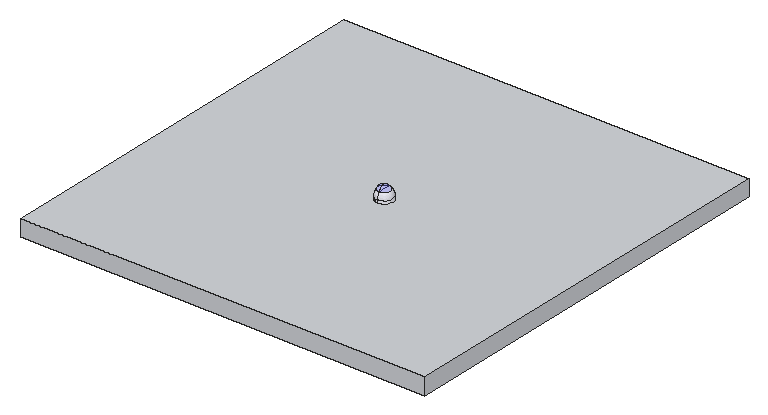
Revit family "BEG-92245", category Dispositifs d'éclairage, Revit 2015
Parameters
  Erfassungsbereich [instance] = Position Höhe > 499 cm  # yes
  Zone sitzend [instance] = Position Höhe < 351 cm  # no
  URL = "http://www.luxomat.com/de-92245"
  Ausgabetyp = "Schalten"
  Umgebungstemperatur = "-25°C bis +50°C"
  Artikel-Nummer = "92245"
  Relais = "10A"
  Position Höhe [instance] = 500 cm
  Reichweite frontal larg [instance] = (Position Höhe * 2) / 2  # 500 cm
  Reichweite frontal [instance] = Position Höhe * 2  # 1000 cm
  Reichweite quer Larg [instance] = (Position Höhe * 4.4) / 2  # 1100 cm
  Reichweite quer [instance] = Position Höhe * 4.4  # 2200 cm
  Modèle = "PD4-M-1C-GH-AP"
  Montge Anleitung = "Deckenanbau Version"
  Marke = "LUXOMAT"
  Image du type = 92245.jpg
  IP = "20"
  Max Montagehöhe empfohlen = Montagehöhe max  # 1400 cm
  Montagehöhe max = 1400 cm
  Fabricant = "B.E.G"
  Etikette [instance] = yes
  Default Elevation = 0 cm
  Typische Leistungsaufnahme = "0,85W"
  Commentaires du type = "PD4-M-1C-GH-AP-weiß  BEG Luxomat Präsenzmelder"
  Code d'assemblage = "D5010200"
  Klasse = "2"
  Schaltleistung Kanal LED = "300W"
  Schaltleistung Kanal Cos ɸ =1 = "2300W"
  Schaltleistung Kanal Cos ɸ =0,5 = "1150VA"
  SPANNUNG = "110-240 V AC"
Reference planes (cm)
  plane 1 "Centre (avant/arrière)": y = 0
  plane 2: z = 0
  plane 3 "Centre (gauche/droite)": x = 0
Forms (cm)
  Extrusion 1, solid
    sketch origin (0, 0, 0) x (1, 0, 0) y (0, 1, 0)
      loop
        line (-121.92, 121.92) -> (-121.92, -121.92) -> (121.92, -121.92) -> (121.92, 121.92) -> (-121.92, 121.92)
    from 0 to -10
Dimensions and locks (cm)
  aligned and locked: plane 2 to Extrusion 1
  aligned and locked: level to Extrusion 1
  aligned and locked: nested 2 to plane 2
Nested families (cm)
  nested 1: "Famille1" at (0, -72.6659, 0) x (-1, 0, 0) z (0, 0, 1), reference <- "Artikel-Nummer", modele <- "Modèle", visible <- "Etikette", type "Famille1"
    with reference "92245", modele "PD4-M-1C-GH-AP"
  nested 2: "M14" at (0, 0, 0), type "Standard"
  nested 3: "Plafond 360° 2D" at (0, 0, 0), type "Plafond 360° 2D"
  nested 4: "zone J" at (0, 0, 0), Biais Larg <- "Reichweite quer Larg", Frontale Larg <- "Reichweite frontal larg", Biais Long <- "Reichweite quer", Frontale Long <- "Reichweite frontal", visible <- "Erfassungsbereich", type "zone J"
    with position 2 125 cm, position 1 935 cm, Frontale Long 1000 cm, Frontale Larg 500 cm, Biais Long 2200 cm, Biais Larg 1100 cm
Connectors (cm)
  electrical at (0, 0, 0)
    settings: on nested 2, index 1, voltage 240 V, apparent load 0 VA, apparent load phase1 0 VA, apparent load phase2 0 VA, apparent load phase3 0 VA, power factor 1, load classification "Eclairage", number of poles 1, system type 31, power factor state 1, is connector primary yes, connector utility no, sub classification motor no, connector description ""
Definition of nested family "M14"
  Reference planes (cm)
    plane 1 "Centre (avant/arrière)": y = 0
    plane 2: z = 0
    plane 3 "Centre (gauche/droite)": x = 0
    plane 4: x = 0
  Forms (cm)
    Revolve 1, solid
      sketch origin (0, 0, 0) x (0, -1, 0) y (0, 0, 1)
        loop
          line (0, 0) -> (0, 5) -> (-3.8, 5)
          arc (-3.8, 5) -> (-4.577, 3.2225) -> (-4.8363, 1.3) r 7
          line (-4.8363, 1.3) -> (-4.9363, 1.3) -> (-5.05, 0) -> (0, 0)
        axis (0, 0) -> (0, 5)
      angle from 0 to 360
    Revolve 2, solid
      sketch origin (0, 0, 0) x (0, -1, 0) y (0, 0, 1)
        loop
          arc (0, 7.6) -> (-2.2816, 6.8864) -> (-3.75, 5) r 4.0043
          line (-3.75, 5) -> (0, 5) -> (0, 7.6)
        axis (0, 5) -> (0, 7.6)
      angle from 0 to 360
  Lines and regions (cm)
    reference lines
      curve 1: line (0, 0, 0) -> (0, 0, 7.6)
      curve 2: line (0, 0, 5) -> (0, 3.8, 5)
      curve 3: arc (0, 3.8, 5) -> (0, 4.577, 3.2225) -> (0, 4.8363, 1.3) r 7
      curve 4: line (0, 4.9363, 1.3) -> (0, 4.8363, 1.3)
      curve 5: line (0, 5.05, 0) -> (0, 4.9363, 1.3)
      curve 6: line (0, 0, 0) -> (0, 5.05, 0)
      curve 7: arc (0, 0, 7.6) -> (0, 2.2816, 6.8864) -> (0, 3.75, 5) r 4.0043
      curve 8: line (0, 3.75, 5) -> (0, 0, 5)
      curve 9: line (0, 0, 7.6) -> (0, 0, 5)
      curve 10: line (0, 0, 0) -> (0, 0, 7.6)
  Dimensions and locks (cm)
    aligned and locked: level to plane 2
    aligned and locked: Revolve 1 sketch curve to curve 1  (x2)
    aligned and locked: Revolve 1 sketch curve to curve 2
    aligned and locked: Revolve 1 sketch curve to curve 3
    aligned and locked: Revolve 1 sketch curve to curve 4
    aligned and locked: Revolve 1 sketch curve to curve 5
    aligned and locked: Revolve 1 sketch curve to curve 6
    aligned and locked: Revolve 2 sketch curve to curve 7
    aligned and locked: Revolve 2 sketch curve to curve 8
    aligned and locked: Revolve 2 sketch curve to curve 9
    aligned and locked: Revolve 2 sketch curve to curve 10
Definition of nested family "Famille1"
  Parameters (values of type "Famille1")
    reference [instance] = ""
    modele [instance] = ""
  Reference planes (cm)
    plane 1: y = 0
    plane 2: x = 0
  Text (cm)
    label "reference\n\nmodele" at (0.0074, 0.0451, 0), shows "reference", "modele"
Definition of nested family "Plafond 360° 2D"
  Reference planes (cm)
    plane 1: y = 0
    plane 2: x = 0
  Lines and regions (cm)
    Filled region 1, type "rouge"
      outline origin (0, 0, 0) x (1, 0, 0) y (0, 1, 0)
        loop
          circle (0, 0) r 0.0294
    detail lines
      curve 1: arc (-0.1732, 0.1, 0) -> (-0.2, 0, 0) -> (-0.1732, -0.1, 0) r 0.2
      curve 2: arc (-0.1, -0.1732, 0) -> (0, -0.2, 0) -> (0.1, -0.1732, 0) r 0.2
      curve 3: arc (0.1732, -0.1, 0) -> (0.2, 0, 0) -> (0.1732, 0.1, 0) r 0.2
      curve 4: arc (0.1, 0.1732, 0) -> (0, 0.2, 0) -> (-0.1, 0.1732, 0) r 0.2
      curve 5: arc (-0.1375, 0.0794, 0) -> (-0.1588, 0, 0) -> (-0.1375, -0.0794, 0) r 0.1588
      curve 6: arc (-0.0794, -0.1375, 0) -> (0, -0.1588, 0) -> (0.0794, -0.1375, 0) r 0.1588
      curve 7: arc (0.1375, -0.0794, 0) -> (0.1588, 0, 0) -> (0.1375, 0.0794, 0) r 0.1588
      curve 8: arc (0.0794, 0.1375, 0) -> (0, 0.1588, 0) -> (-0.0794, 0.1375, 0) r 0.1588
      curve 9: arc (-0.1019, 0.0588, 0) -> (-0.1176, 0, 0) -> (-0.1019, -0.0588, 0) r 0.1176
      curve 10: arc (-0.0588, -0.1019, 0) -> (0, -0.1176, 0) -> (0.0588, -0.1019, 0) r 0.1176
      curve 11: arc (0.1019, -0.0588, 0) -> (0.1176, 0, 0) -> (0.1019, 0.0588, 0) r 0.1176
      curve 12: arc (0.0588, 0.1019, 0) -> (0, 0.1176, 0) -> (-0.0588, 0.1019, 0) r 0.1176
      curve 13: arc (-0.0294, 0, 0) -> (0, -0.0294, 0) -> (0.0294, 0, 0) r 0.0294
      curve 14: arc (0.0294, 0, 0) -> (0, 0.0294, 0) -> (-0.0294, 0, 0) r 0.0294
Definition of nested family "zone J"
  Parameters (values of type "zone J")
    position 2 [instance] = (Frontale Larg / 2) * 0.5  # 475 cm
    position 1 [instance] = (Biais Long / 2) * 0.85  # 1870 cm
    Frontale Long [instance] = 3000 cm
    Frontale Larg [instance] = 1900 cm
    Biais Long [instance] = 4400 cm
    Biais Larg [instance] = 2200 cm
  Reference planes (cm)
    plane 1 "Centre (avant/arrière)": y = 0
    plane 2: z = 0
    plane 3 "Centre (gauche/droite)": x = 0
    plane 4: x = -1870
    plane 5: y = -475
  Lines and regions (cm)
    detail lines, in view "Niveau de réf."
      curve 1: spline (2.3068, -502.7265, 0) -> (4.0856, -502.3949, 0) -> (5.7432, -501.4226, 0) -> (7.1667, -499.876, 0) -> (8.2589, -497.8603, 0) -> (8.9455, -495.5131, 0) -> (9.1797, -492.9942, 0) -> (8.9455, -490.4753, 0) -> (8.2589, -488.1281, 0) -> (7.1667, -486.1125, 0) -> (5.7432, -484.5658, 0) -> (4.0856, -483.5936, 0) -> (2.3068, -483.262, 0) -> (0.5279, -483.5936, 0) -> (-1.1297, -484.5658, 0) -> (-2.5531, -486.1125, 0) -> (-3.6453, -488.1281, 0) -> (-4.3319, -490.4753, 0) -> (-4.5661, -492.9942, 0) -> (-4.3319, -495.5131, 0) -> (-3.6453, -497.8603, 0) -> (-2.5531, -499.876, 0) -> (-1.1297, -501.4226, 0) -> (0.5279, -502.3949, 0) -> (2.3068, -502.7265, 0)
      curve 2: line (-4.7649, -490.0929, 0) -> (0.5136, -502.9212, 0)
      curve 3: line (3.5648, -503.0775, 0) -> (9.2455, -489.5266, 0)
      curve 4: line (-0.3759, -483.4588, 0) -> (-3.0011, -485.8806, 0)
      curve 5: line (3.5053, -503.5045, 0) -> (6.62, -503.3756, 0)
      curve 6: line (1.7304, -503.3525, 0) -> (3.5053, -503.5045, 0)
      curve 7: line (-4.7649, -490.0929, 0) -> (0.5136, -502.9212, 0)
      curve 8: line (-21.1936, -490.3894, 0) -> (-24.4202, -492.3623, 0)
      curve 9: line (-21.1936, -490.3894, 0) -> (-24.4202, -492.3623, 0)
      curve 10: line (-0.3759, -483.4588, 0) -> (-3.0011, -485.8806, 0)
      curve 11: line (1.7304, -503.3525, 0) -> (6.62, -503.3756, 0)
      curve 12: line (3.5648, -503.0775, 0) -> (9.2455, -489.5266, 0)
      curve 13: line (0, -475, 0) -> (0, -444.0788, 0)
      curve 14: line (0, -444.0788, 0) -> (0, -435.7814, 0)
      curve 15: spline (-1867.6932, -27.7265, 0) -> (-1865.9144, -27.3949, 0) -> (-1864.2568, -26.4226, 0) -> (-1862.8333, -24.876, 0) -> (-1861.7411, -22.8603, 0) -> (-1861.0545, -20.5131, 0) -> (-1860.8203, -17.9942, 0) -> (-1861.0545, -15.4753, 0) -> (-1861.7411, -13.1281, 0) -> (-1862.8333, -11.1125, 0) -> (-1864.2568, -9.5658, 0) -> (-1865.9144, -8.5936, 0) -> (-1867.6932, -8.262, 0) -> (-1869.4721, -8.5936, 0) -> (-1871.1297, -9.5658, 0) -> (-1872.5531, -11.1125, 0) -> (-1873.6453, -13.1281, 0) -> (-1874.3319, -15.4753, 0) -> (-1874.5661, -17.9942, 0) -> (-1874.3319, -20.5131, 0) -> (-1873.6453, -22.8603, 0) -> (-1872.5531, -24.876, 0) -> (-1871.1297, -26.4226, 0) -> (-1869.4721, -27.3949, 0) -> (-1867.6932, -27.7265, 0)
      curve 16: line (-1874.7649, -15.0929, 0) -> (-1869.4864, -27.9212, 0)
      curve 17: line (-1866.4352, -28.0775, 0) -> (-1860.7545, -14.5266, 0)
      curve 18: line (-1870.3759, -8.4588, 0) -> (-1873.0011, -10.8806, 0)
      curve 19: line (-1866.4947, -28.5045, 0) -> (-1863.38, -28.3756, 0)
      curve 20: line (-1868.2696, -28.3525, 0) -> (-1866.4947, -28.5045, 0)
      curve 21: line (-1874.7649, -15.0929, 0) -> (-1869.4864, -27.9212, 0)
      curve 22: line (-1891.1936, -15.3894, 0) -> (-1894.4202, -17.3623, 0)
      curve 23: line (-1891.1936, -15.3894, 0) -> (-1894.4202, -17.3623, 0)
      curve 24: line (-1870.3759, -8.4588, 0) -> (-1873.0011, -10.8806, 0)
      curve 25: line (-1868.2696, -28.3525, 0) -> (-1863.38, -28.3756, 0)
      curve 26: line (-1866.4352, -28.0775, 0) -> (-1860.7545, -14.5266, 0)
      curve 27: line (-1870, 0, 0) -> (-1870, 30.9212, 0)
      curve 28: line (-1870, 30.9212, 0) -> (-1870, 39.2186, 0)
      curve 169: spline (2200, 0, 0) -> (2125.0368, 284.7009, 0) -> (1905.2559, 550, 0) -> (1555.6349, 777.8175, 0) -> (1100, 952.6279, 0) -> (569.4019, 1062.5184, 0) -> (0, 1100, 0) -> (-569.4019, 1062.5184, 0) -> (-1100, 952.6279, 0) -> (-1555.6349, 777.8175, 0) -> (-1905.2559, 550, 0) -> (-2125.0368, 284.7009, 0) -> (-2200, 0, 0) -> (-2125.0368, -284.7009, 0) -> (-1905.2559, -550, 0) -> (-1555.6349, -777.8175, 0) -> (-1100, -952.6279, 0) -> (-569.4019, -1062.5184, 0) -> (0, -1100, 0) -> (569.4019, -1062.5184, 0) -> (1100, -952.6279, 0) -> (1555.6349, -777.8175, 0) -> (1905.2559, -550, 0) -> (2125.0368, -284.7009, 0) -> (2200, 0, 0)
      curve 170: spline (-1500, 0, 0) -> (-1448.8887, 245.8781, 0) -> (-1299.0381, 475, 0) -> (-1060.6602, 671.7514, 0) -> (-750, 822.7241, 0) -> (-388.2286, 917.6295, 0) -> (0, 950, 0) -> (388.2286, 917.6295, 0) -> (750, 822.7241, 0) -> (1060.6602, 671.7514, 0) -> (1299.0381, 475, 0) -> (1448.8887, 245.8781, 0) -> (1500, 0, 0) -> (1448.8887, -245.8781, 0) -> (1299.0381, -475, 0) -> (1060.6602, -671.7514, 0) -> (750, -822.7241, 0) -> (388.2286, -917.6295, 0) -> (0, -950, 0) -> (-388.2286, -917.6295, 0) -> (-750, -822.7241, 0) -> (-1060.6602, -671.7514, 0) -> (-1299.0381, -475, 0) -> (-1448.8887, -245.8781, 0) -> (-1500, 0, 0)
    detail lines, in view "Niveau de réf.", not visible
      curve 29: spline (925.976, -22.5654, 0) -> (926.342, -22.7186, 0) -> (927.4152, -22.8614, 0) -> (929.1224, -22.984, 0) -> (931.3472, -23.0781, 0) -> (933.938, -23.1373, 0) -> (936.7184, -23.1574, 0) -> (939.4987, -23.1373, 0) -> (942.0896, -23.0781, 0) -> (944.3144, -22.984, 0) -> (946.0216, -22.8614, 0) -> (947.0948, -22.7186, 0) -> (947.4608, -22.5654, 0) -> (947.0948, -22.4122, 0) -> (946.0216, -22.2694, 0) -> (944.3144, -22.1467, 0) -> (942.0896, -22.0527, 0) -> (939.4987, -21.9935, 0) -> (936.7184, -21.9733, 0) -> (933.938, -21.9935, 0) -> (931.3472, -22.0527, 0) -> (929.1224, -22.1467, 0) -> (927.4152, -22.2694, 0) -> (926.342, -22.4122, 0) -> (925.976, -22.5654, 0)
      curve 30: line (925.976, -22.5654, 0) -> (927.5256, -22.2591, 0)
      curve 31: arc (928.6032, -42.366, 0) -> (923.9612, -42.9632, 0) -> (919.6215, -44.716, 0) r 18.3388
      curve 32: arc (919.6215, -44.716, 0) -> (919.5545, -44.7818, 0) -> (919.5297, -44.8725, 0) r 0.1799
      curve 33: arc (928.7956, -42.9577, 0) -> (924.5053, -43.3576, 0) -> (920.3988, -44.6624, 0) r 20.1051
      curve 34: arc (920.3988, -44.6624, 0) -> (920.213, -44.7562, 0) -> (920.0404, -44.8725, 0) r 1.6679
      curve 35: circle (919.7851, -45.6065, 0) r 0.5096 normal (0, 0, 1)
      curve 36: arc (920.3547, -45.6065, 0) -> (919.7851, -45.0369, 0) -> (919.2155, -45.6065, 0) r 0.5696
      curve 37: arc (920.4147, -45.6065, 0) -> (919.7851, -44.9769, 0) -> (919.1555, -45.6065, 0) r 0.6296
      curve 38: arc (944.8336, -42.366, 0) -> (949.4756, -42.9632, 0) -> (953.8152, -44.716, 0) r 18.3388
      curve 39: arc (953.8152, -44.716, 0) -> (953.8823, -44.7818, 0) -> (953.907, -44.8725, 0) r 0.1799
      curve 40: arc (944.6412, -42.9577, 0) -> (948.9315, -43.3576, 0) -> (953.038, -44.6624, 0) r 20.1051
      curve 41: arc (953.038, -44.6624, 0) -> (953.2237, -44.7562, 0) -> (953.3964, -44.8725, 0) r 1.6679
      curve 42: circle (953.6517, -45.6065, 0) r 0.5096 normal (0, 0, 1)
      curve 43: arc (954.2213, -45.6065, 0) -> (953.6517, -45.0369, 0) -> (953.0821, -45.6065, 0) r 0.5696
      curve 44: arc (954.2813, -45.6065, 0) -> (953.6517, -44.9769, 0) -> (953.0221, -45.6065, 0) r 0.6296
      curve 45: arc (935.9933, -42.366, 0) -> (932.2655, -43.2182, 0) -> (928.7471, -44.716, 0) r 21.5424
      curve 46: arc (928.7471, -44.716, 0) -> (928.68, -44.7818, 0) -> (928.6553, -44.8725, 0) r 0.1799
      curve 47: arc (935.9933, -42.9577, 0) -> (932.6991, -43.5833, 0) -> (929.5243, -44.6624, 0) r 23.9713
      curve 48: arc (929.5243, -44.6624, 0) -> (929.3417, -44.7544, 0) -> (929.1716, -44.8681, 0) r 1.6679
      curve 49: arc (936.2298, -42.9577, 0) -> (932.9838, -43.6066, 0) -> (929.8464, -44.6624, 0) r 26.0219
      curve 50: arc (929.8464, -44.6624, 0) -> (929.6606, -44.7562, 0) -> (929.488, -44.8725, 0) r 1.6679
      curve 51: circle (929.0716, -45.6065, 0) r 0.5096 normal (0, 0, 1)
      curve 52: arc (929.6412, -45.6065, 0) -> (929.0716, -45.0369, 0) -> (928.502, -45.6065, 0) r 0.5696
      curve 53: arc (929.7012, -45.6065, 0) -> (929.0716, -44.9769, 0) -> (928.442, -45.6065, 0) r 0.6296
      curve 54: arc (937.4435, -42.366, 0) -> (941.1713, -43.2182, 0) -> (944.6897, -44.716, 0) r 21.5424
      curve 55: arc (944.6897, -44.716, 0) -> (944.7568, -44.7818, 0) -> (944.7815, -44.8725, 0) r 0.1799
      curve 56: arc (937.4435, -42.9577, 0) -> (940.7377, -43.5833, 0) -> (943.9124, -44.6624, 0) r 23.9713
      curve 57: arc (943.9124, -44.6624, 0) -> (944.0982, -44.7562, 0) -> (944.2708, -44.8725, 0) r 1.6679
      curve 58: arc (937.207, -42.9577, 0) -> (940.453, -43.6066, 0) -> (943.5904, -44.6624, 0) r 26.0219
      curve 59: arc (943.5904, -44.6624, 0) -> (943.7762, -44.7562, 0) -> (943.9488, -44.8725, 0) r 1.6679
      curve 60: circle (944.3651, -45.6065, 0) r 0.5096 normal (0, 0, 1)
      curve 61: arc (944.9347, -45.6065, 0) -> (944.3651, -45.0369, 0) -> (943.7956, -45.6065, 0) r 0.5696
      curve 62: arc (944.9947, -45.6065, 0) -> (944.3651, -44.9769, 0) -> (943.7356, -45.6065, 0) r 0.6296
      curve 63: arc (928.2447, -16.9067, 0) -> (929.3751, -19.9599, 0) -> (932.3873, -21.1953, 0) r 4.0512
      curve 64: arc (947.5341, -21.5503, 0) -> (948.2989, -21.9955, 0) -> (948.4581, -22.866, 0) r 1.0582
      curve 65: arc (948.4581, -22.866, 0) -> (947.1637, -32.0042, 0) -> (947.1824, -41.2336, 0) r 64.7189
      curve 66: arc (947.1824, -41.2336, 0) -> (947.3196, -41.7803, 0) -> (947.8, -42.0753, 0) r 0.7467
      curve 67: arc (947.8, -42.0753, 0) -> (950.8812, -42.6489, 0) -> (954.0146, -42.7177, 0) r 19.3577
      curve 68: arc (954.0146, -42.7177, 0) -> (953.6164, -42.2163, 0) -> (953.0065, -42.0212, 0) r 1.1013
      curve 69: arc (953.0065, -42.0212, 0) -> (950.8253, -41.5868, 0) -> (948.6939, -40.9514, 0) r 23.8747
      curve 70: arc (948.6939, -40.9514, 0) -> (949.6481, -32.326, 0) -> (950.4047, -23.6811, 0) r 379.1961
      curve 71: arc (950.4047, -23.6811, 0) -> (950.1819, -20.9354, 0) -> (948.1945, -19.0278, 0) r 3.8846
      curve 72: arc (948.1945, -19.0278, 0) -> (942.0386, -16.9625, 0) -> (935.5985, -16.1341, 0) r 33.2193
      curve 73: arc (935.5985, -16.1341, 0) -> (936.4011, -8.4722, 0) -> (936.3918, -0.7683, 0) r 72.9952
      curve 74: arc (936.1411, 2.5028, 0) -> (936.0331, 3.5186, 0) -> (935.9108, 4.5328, 0) r 72.9952
      curve 75: arc (933.0779, 4.298, 0) -> (930.9101, 3.5141, 0) -> (931.7641, 1.3729, 0) r 1.6042
      curve 76: arc (935.9108, 4.5328, 0) -> (932.5228, 6.4802, 0) -> (929.1348, 4.5328, 0) r 3.9209
      curve 77: arc (962.4108, -5.4595, 0) -> (962.3989, -5.5507, 0) -> (962.3115, -5.5223, 0) r 0.0597
      curve 78: arc (960.275, -5.2364, 0) -> (960.303, -5.394, 0) -> (960.1444, -5.4151, 0) r 0.1108
      curve 79: spline (932.3619, 15.8637, 0) -> (933.2734, 15.7331, 0) -> (934.1297, 15.3083, 0) -> (934.8726, 14.6182, 0) -> (935.4514, 13.7099, 0) -> (935.8267, 12.6452, 0) -> (935.9728, 11.4968, 0) -> (935.8798, 10.3428, 0) -> (935.5541, 9.262, 0) -> (935.0179, 8.3279, 0) -> (934.3076, 7.6043, 0) -> (933.4718, 7.1404, 0) -> (932.5673, 6.9679, 0) -> (931.6558, 7.0985, 0) -> (930.7994, 7.5233, 0) -> (930.0565, 8.2134, 0) -> (929.4777, 9.1217, 0) -> (929.1025, 10.1864, 0) -> (928.9564, 11.3348, 0) -> (929.0493, 12.4888, 0) -> (929.375, 13.5696, 0) -> (929.9113, 14.5037, 0) -> (930.6215, 15.2273, 0) -> (931.4574, 15.6912, 0) -> (932.3619, 15.8637, 0)
      curve 80: line (957.0918, -46.116, 0) -> (997.8768, -46.116, 0)
      curve 81: line (997.8768, -46.116, 0) -> (997.8768, -7.1091, 0)
      curve 82: line (997.8768, -7.1091, 0) -> (957.0918, -7.1091, 0)
      curve 83: line (957.0918, -7.1091, 0) -> (957.0918, -46.116, 0)
      curve 84: line (957.0918, -46.116, 0) -> (910.5345, -46.116, 0)
      curve 85: line (951.1501, -7.1091, 0) -> (1003.8185, -7.1091, 0)
      curve 86: line (1003.8185, -7.1091, 0) -> (1003.8185, -5.6427, 0)
      curve 87: line (1003.8185, -5.6427, 0) -> (951.1501, -5.6427, 0)
      curve 88: line (951.1501, -5.6427, 0) -> (951.1501, -7.1091, 0)
      curve 89: line (935.7304, -23.1574, 0) -> (937.7064, -23.1574, 0)
      curve 90: line (937.7064, -23.1574, 0) -> (937.7064, -42.366, 0)
      curve 91: line (937.7064, -42.366, 0) -> (935.7304, -42.366, 0)
      curve 92: line (935.7304, -42.366, 0) -> (935.7304, -23.1574, 0)
      curve 93: line (935.7304, -42.366, 0) -> (928.6032, -42.366, 0)
      curve 94: line (919.5297, -44.8725, 0) -> (920.0404, -44.8725, 0)
      curve 95: line (937.4435, -42.366, 0) -> (937.207, -42.9577, 0)
      curve 96: line (937.207, -42.9577, 0) -> (937.4435, -42.9577, 0)
      curve 97: line (937.4435, -42.9577, 0) -> (936.7184, -42.9577, 0)
      curve 98: line (936.7184, -42.9577, 0) -> (935.9933, -42.9577, 0)
      curve 99: line (935.9933, -42.9577, 0) -> (936.2298, -42.9577, 0)
      curve 100: line (936.2298, -42.9577, 0) -> (935.9933, -42.366, 0)
      curve 101: line (933.13, -42.9577, 0) -> (928.7956, -42.9577, 0)
      curve 102: line (919.2155, -45.6065, 0) -> (919.1555, -45.6065, 0)
      curve 103: line (920.3547, -45.6065, 0) -> (920.4147, -45.6065, 0)
      curve 104: line (919.8851, -44.9848, 0) -> (919.8851, -44.8725, 0)
      curve 105: line (919.6851, -44.9848, 0) -> (919.6851, -44.8725, 0)
      curve 106: line (937.7064, -42.366, 0) -> (944.8336, -42.366, 0)
      curve 107: line (953.907, -44.8725, 0) -> (953.3964, -44.8725, 0)
      curve 108: line (940.3068, -42.9577, 0) -> (944.6412, -42.9577, 0)
      curve 109: line (954.2213, -45.6065, 0) -> (954.2813, -45.6065, 0)
      curve 110: line (953.0821, -45.6065, 0) -> (953.0221, -45.6065, 0)
      curve 111: line (953.5517, -44.9848, 0) -> (953.5517, -44.8725, 0)
      curve 112: line (953.7517, -44.9848, 0) -> (953.7517, -44.8725, 0)
      curve 113: line (928.6553, -44.8725, 0) -> (929.488, -44.8725, 0)
      curve 114: line (928.502, -45.6065, 0) -> (928.442, -45.6065, 0)
      curve 115: line (929.6412, -45.6065, 0) -> (929.7012, -45.6065, 0)
      curve 116: line (929.1716, -44.9848, 0) -> (929.1716, -44.8681, 0)
      curve 117: line (928.9716, -44.9848, 0) -> (928.9716, -44.8725, 0)
      curve 118: line (944.7815, -44.8725, 0) -> (943.9488, -44.8725, 0)
      curve 119: line (944.9347, -45.6065, 0) -> (944.9947, -45.6065, 0)
      curve 120: line (943.7956, -45.6065, 0) -> (943.7356, -45.6065, 0)
      curve 121: line (944.2651, -44.9848, 0) -> (944.2651, -44.8725, 0)
      curve 122: line (944.4651, -44.9848, 0) -> (944.4651, -44.8725, 0)
      curve 123: line (932.3873, -21.1953, 0) -> (947.5341, -21.5503, 0)
      curve 124: line (928.2447, -16.9067, 0) -> (929.1348, 4.5328, 0)
      curve 125: line (933.0779, 4.298, 0) -> (945.9271, -3.2324, 0)
      curve 126: line (945.9271, -3.2324, 0) -> (956.9598, -4.1102, 0)
      curve 127: line (956.9598, -4.1102, 0) -> (959.6493, -4.0553, 0)
      curve 128: line (959.6493, -4.0553, 0) -> (961.5155, -4.4943, 0)
      curve 129: line (961.5155, -4.4943, 0) -> (962.4108, -5.4595, 0)
      curve 130: line (962.3115, -5.5223, 0) -> (961.4719, -4.6876, 0)
      curve 131: line (961.4719, -4.6876, 0) -> (959.6412, -4.4783, 0)
      curve 132: line (959.6412, -4.4783, 0) -> (959.2367, -4.7524, 0)
      curve 133: line (959.2367, -4.7524, 0) -> (960.275, -5.2364, 0)
      curve 134: line (960.1444, -5.4151, 0) -> (958.5871, -4.8823, 0)
      curve 135: line (958.5871, -4.8823, 0) -> (956.7566, -5.1214, 0)
      curve 136: line (956.7566, -5.1214, 0) -> (945.2383, -4.8614, 0)
      curve 137: line (945.2383, -4.8614, 0) -> (931.7641, 1.3729, 0)
      curve 138: line (931.3882, 7.1969, 0) -> (931.2583, 6.2707, 0)
      curve 139: line (933.7384, 7.2529, 0) -> (933.8809, 6.2375, 0)
      curve 140: line (997.8768, -46.116, 0) -> (1009.4512, -46.116, 0)
      curve 141: spline (630.3724, -48.277, 0) -> (632.1512, -47.9453, 0) -> (633.8088, -46.9731, 0) -> (635.2323, -45.4264, 0) -> (636.3245, -43.4108, 0) -> (637.0111, -41.0636, 0) -> (637.2453, -38.5447, 0) -> (637.0111, -36.0258, 0) -> (636.3245, -33.6786, 0) -> (635.2323, -31.663, 0) -> (633.8088, -30.1163, 0) -> (632.1512, -29.1441, 0) -> (630.3724, -28.8124, 0) -> (628.5935, -29.1441, 0) -> (626.9359, -30.1163, 0) -> (625.5125, -31.663, 0) -> (624.4202, -33.6786, 0) -> (623.7336, -36.0258, 0) -> (623.4995, -38.5447, 0) -> (623.7336, -41.0636, 0) -> (624.4202, -43.4108, 0) -> (625.5125, -45.4264, 0) -> (626.9359, -46.9731, 0) -> (628.5935, -47.9453, 0) -> (630.3724, -48.277, 0)
      curve 142: line (623.3007, -35.6434, 0) -> (628.5792, -48.4717, 0)
      curve 143: line (631.6303, -48.628, 0) -> (637.311, -35.0771, 0)
      curve 144: line (627.6897, -29.0093, 0) -> (625.0645, -31.4311, 0)
      curve 145: line (631.5709, -49.055, 0) -> (634.6856, -48.9261, 0)
      curve 146: line (629.7959, -48.903, 0) -> (631.5709, -49.055, 0)
      curve 147: line (623.3007, -35.6434, 0) -> (628.5792, -48.4717, 0)
      curve 148: line (606.872, -35.9399, 0) -> (603.6454, -37.9127, 0)
      curve 149: line (606.872, -35.9399, 0) -> (603.6454, -37.9127, 0)
      curve 150: line (627.6897, -29.0093, 0) -> (625.0645, -31.4311, 0)
      curve 151: line (629.7959, -48.903, 0) -> (634.6856, -48.9261, 0)
      curve 152: line (631.6303, -48.628, 0) -> (637.311, -35.0771, 0)
      curve 153: line (628.0656, -20.5505, 0) -> (628.0656, 10.3707, 0)
      curve 154: line (628.0656, 10.3707, 0) -> (628.0656, 18.6681, 0)
      curve 155: spline (1030.3724, -260.777, 0) -> (1032.1512, -260.4453, 0) -> (1033.8088, -259.4731, 0) -> (1035.2323, -257.9264, 0) -> (1036.3245, -255.9108, 0) -> (1037.0111, -253.5636, 0) -> (1037.2453, -251.0447, 0) -> (1037.0111, -248.5258, 0) -> (1036.3245, -246.1786, 0) -> (1035.2323, -244.163, 0) -> (1033.8088, -242.6163, 0) -> (1032.1512, -241.6441, 0) -> (1030.3724, -241.3124, 0) -> (1028.5935, -241.6441, 0) -> (1026.9359, -242.6163, 0) -> (1025.5125, -244.163, 0) -> (1024.4202, -246.1786, 0) -> (1023.7336, -248.5258, 0) -> (1023.4995, -251.0447, 0) -> (1023.7336, -253.5636, 0) -> (1024.4202, -255.9108, 0) -> (1025.5125, -257.9264, 0) -> (1026.9359, -259.4731, 0) -> (1028.5935, -260.4453, 0) -> (1030.3724, -260.777, 0)
      curve 156: line (1023.3007, -248.1434, 0) -> (1028.5792, -260.9717, 0)
      curve 157: line (1031.6303, -261.128, 0) -> (1037.311, -247.5771, 0)
      curve 158: line (1027.6897, -241.5093, 0) -> (1025.0645, -243.9311, 0)
      curve 159: line (1031.5709, -261.555, 0) -> (1034.6856, -261.4261, 0)
      curve 160: line (1029.7959, -261.403, 0) -> (1031.5709, -261.555, 0)
      curve 161: line (1023.3007, -248.1434, 0) -> (1028.5792, -260.9717, 0)
      curve 162: line (1006.872, -248.4399, 0) -> (1003.6454, -250.4127, 0)
      curve 163: line (1006.872, -248.4399, 0) -> (1003.6454, -250.4127, 0)
      curve 164: line (1027.6897, -241.5093, 0) -> (1025.0645, -243.9311, 0)
      curve 165: line (1029.7959, -261.403, 0) -> (1034.6856, -261.4261, 0)
      curve 166: line (1031.6303, -261.128, 0) -> (1037.311, -247.5771, 0)
      curve 167: line (1028.0656, -233.0505, 0) -> (1028.0656, -202.1293, 0)
      curve 168: line (1028.0656, -202.1293, 0) -> (1028.0656, -193.8319, 0)
  Text (cm)
    text "2" at (0.4332, -516.3743, 0), in view "Niveau de réf."
    text "1" at (-1869.5668, -41.3743, 0), in view "Niveau de réf."
    text "1" at (628.4988, -61.9248, 0), in view "Niveau de réf.", not visible
    text "2" at (1028.4988, -274.4248, 0), in view "Niveau de réf.", not visible
  Dimensions and locks (cm)
    "position 1": plane 4 to plane 3 "Centre (gauche/droite)"
    "position 2": plane 5 to plane 1 "Centre (avant/arrière)"
    "Biais Long": curve 169 to curve 169
    "Biais Larg": curve 169 to curve 169
    "Frontale Long": curve 170 to curve 170
    "Frontale Larg": curve 170 to curve 170
    aligned and locked: curve 27 to plane 1 "Centre (avant/arrière)"
    aligned and locked: curve 13 to plane 3 "Centre (gauche/droite)"
    aligned and locked: plane 4 to curve 27
    aligned and locked: plane 5 to curve 13
  Automatic sketch dimensions
    curve 170 to plane 1 "Centre (avant/arrière)" = 0 cm
    curve 170 to plane 3 "Centre (gauche/droite)" = 0 cm
    plane 1 "Centre (avant/arrière)" to curve 169 = 0 cm
    curve 169 to plane 3 "Centre (gauche/droite)" = 0 cm
